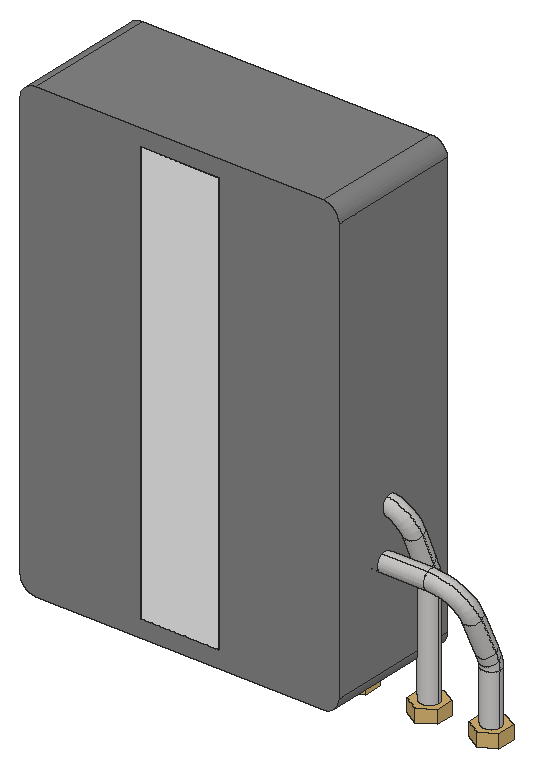
Revit family "Evoflat TDV F_Aligned_RFA_1", category Mechanical Equipment, Revit 2019
Family settings
  Round Connector Dimension = Use Diameter
  Classification = None
  Part Type = Normal
  OmniClass Number = 23.75.65.11.11
  OmniClass Title = Heating Controllers
  Work Plane-Based = No
  Always vertical = Yes
  Cut with Voids When Loaded = No
  Shared = No
  Room Calculation Point = No
Parameters (values of type "Evoflat TDV F_Aligned_Type 1_Cu_145B4181")
  Weight = 8.50 kg  # constant formula
  W1 = 40 mm  # constant formula
  W = 130 mm  # constant formula
  URL = "https://store.danfoss.com/en/search/?q=Evoflat+TDV%3Arelevance%3Adanfoss_producttypehierarchydesc%3AEvoFlat+FSS&text=Evoflat+TDV"
  Type Image = <None>
  Type Comments = ""
  Top [instance] = if(or(Clearance Zone Visibility, Clearance Zone Top Visibility), 1 = 1, 1 = 0)  # no
  Right [instance] = if(or(Clearance Zone Visibility, Clearance Zone Right Visibility), 1 = 1, 1 = 0)  # no
  Pressure Drop (HE) [instance] = 0.0 Pa
  Pressure Drop (DHW) [instance] = 0.0 Pa
  Pressure Drop (DH) [instance] = 0.0 Pa
  Pressure Drop (DCW) [instance] = 0.0 Pa
  Nut size = 30 mm  # constant formula
  Nominal Pressure = "PN 10"  # constant formula
  Model Type = "Evoflat TDV F_Aligned_Type 1_Cu"
  Model = "145B4181"
  Max Supply Temperature = "95 °C"  # constant formula
  Manufacturer = "Danfoss"  # constant formula
  Left [instance] = if(or(Clearance Zone Visibility, Clearance Zone Left Visibility), 1 = 1, 1 = 0)  # no
  LOD 350 = not(LOD 200)  # yes
  LOD 200 = no
  L2 = 310 mm  # constant formula
  L1a = 55 mm  # constant formula
  L1 = 55 mm  # constant formula
  L = 402 mm  # constant formula
  Insulation Material = Danfoss EPP insulation
  IfcExportType = "EvoFlat TDV F"  # constant formula
  IfcExportAs = "IfcFlowController"  # constant formula
  Heating Total Pressure Loss Primary = "8 kPa"  # constant formula
  Heating Flow Rate Supply = "645 l/h"  # constant formula
  Heating Circuit dT = "20 °C"  # constant formula
  Heating Capacity = 15 kW  # constant formula
  HEX material = Danfoss Copper
  H3 = 32.5 mm  # constant formula
  H2 = 31.5 mm  # constant formula
  H1 = 3 mm  # constant formula
  H = 443 mm  # constant formula
  Front [instance] = if(or(Clearance Zone Visibility, Clearance Zone Front Visibility), 1 = 1, 1 = 0)  # no
  Flow (HE) [instance] = 0.0 L/s
  Flow (DHW) [instance] = 0.0 L/s
  Flow (DH) [instance] = 0.0 L/s
  Flow (DCW) [instance] = 0.0 L/s
  Description = "Flat Station"  # constant formula
  DHW capacity = 43 kW
  DHW Temperature DHS/DHR = "65/22 °C"
  DHW Tap Load 50°C = "15.3 l/min"
  DHW Pressure Loss Primary = "40 kPa"
  DHW Flow Rate Primary = "850 l/h"
  D = 20 mm  # constant formula
  Connection = "G 3/4 Internal Thread"  # constant formula
  Clearance Zone Visibility [instance] = no
  Clearance Zone Top Visibility [instance] = no
  Clearance Zone Top [instance] = 25 mm  # constant formula
  Clearance Zone Right Visibility [instance] = no
  Clearance Zone Right [instance] = 92 mm  # constant formula
  Clearance Zone Left Visibility [instance] = no
  Clearance Zone Left [instance] = 50 mm  # constant formula
  Clearance Zone Front Visibility [instance] = no
  Clearance Zone Front [instance] = 150 mm  # constant formula
  Clearance Zone Bottom Visibility [instance] = no
  Clearance Zone Bottom [instance] = 32.5 mm  # constant formula
  Bottom [instance] = if(or(Clearance Zone Visibility, Clearance Zone Bottom Visibility), 1 = 1, 1 = 0)  # no
  Assembly Code = ""
Types (6, lengths in mm): name | Model Type | Model | HEX material | DHW capacity | DHW Temperature DHS/DHR | DHW Tap Load 50°C | DHW Pressure Loss Primary | DHW Flow Rate Primary
  Evoflat TDV F_Aligned_Type 1_Cu_145B4181 | "Evoflat TDV F_Aligned_Type 1_Cu" | "145B4181" | Danfoss Copper | 43 kW | "65/22 °C" | "15.3 l/min" | "40 kPa" | "850 l/h"
  Evoflat TDV F_Aligned_Type 3_Cu_145B4183 | "Evoflat TDV F_Aligned_Type 3_Cu" | "145B4183" | Danfoss Copper | 55 kW | "65/16 °C" | "18.3 l/min" | "27 kPa" | "950 l/h"
  Evoflat TDV F_Aligned_Type 2_Cu_145B4182 | "Evoflat TDV F_Aligned_Type 2_Cu" | "145B4182" | Danfoss Copper | 49 kW | "65/21 °C" | "17.5 l/min" | "30 kPa" | "950 l/h"
  Evoflat TDV F_Aligned_Type 1_Sts_145B4184 | "Evoflat TDV F_Aligned_Type 1_Sts" | "145B4184" | Danfoss Stainless Steel | 43 kW | "65/22 °C" | "15.3 l/min" | "40 kPa" | "850 l/h"
  Evoflat TDV F_Aligned_Type 2_Sts_145B4185 | "Evoflat TDV F_Aligned_Type 2_Sts" | "145B4185" | Danfoss Stainless Steel | 49 kW | "65/21 °C" | "17.5 l/min" | "30 kPa" | "950 l/h"
  Evoflat TDV F_Aligned_Type 3_Sts_145B4186 | "Evoflat TDV F_Aligned_Type 3_Sts" | "145B4186" | Danfoss Stainless Steel | 55 kW | "65/16 °C" | "18.3 l/min" | "27 kPa" | "950 l/h"
Reference planes
  plane 1 "Center (Front/Back)": y = 0
  plane 2: z = 0
  plane 3 "Center (Left/Right)": x = 0
  plane 4 "Front 1": y = -40
  plane 5: x = -155
  plane 6: x = 155
  plane 7: z = 443
  plane 8: y = -130
  plane 9: z = 3
  plane 10: z = -31.5
  plane 11: x = -100
  plane 12: x = 100
  plane 13: z = -32.5
  plane 14: y = -67.9
  plane 15: x = -40
  plane 16: x = 40
  plane 17: x = 247
  plane 18: z = 110
  plane 19: z = 155
  plane 20 "Right 1": x = 170
  plane 21 "Right 2": x = 230
  plane 22: y = -75.3
  plane 23 "Angle 1": through (4267.2, -67.9, 155) normal (0, 0.9205, 0.3907)
  plane 24 "Angle 2": through (4267.2, -75.3, 110) normal (0, 0.9063, 0.4226)
Forms (mm)
  Extrusion 1, solid, material "Danfoss EPP insulation", visible <- "LOD 200", detail levels fine
    sketch origin (0, 0, 0) x (1, 0, 0) y (0, 0, 1)
      loop
        line (-155, 443) -> (-155, 0) -> (155, 0) -> (155, 443) -> (-155, 443)
    from 0 to 130 <- "W"
  Extrusion 2, solid, visible <- "Front"
    sketch origin (15, -130, 238.394) x (1, 0, 0) y (0, 0, 1)
      loop
        line (-170, 204.606) -> (-170, -238.394) -> (140, -238.394) -> (140, 204.606) -> (-170, 204.606)
    from 150 <- "Clearance Zone Front" to 0
  Extrusion 3, solid, visible <- "Right"
    sketch origin (0, 0, 0) x (1, 0, 0) y (0, 0, 1)
      loop
        line (155, 443) -> (155, 0) -> (247, 0) -> (247, 443) -> (155, 443)
    from 130 <- "W" to 0
  Extrusion 4, solid, visible <- "Left"
    sketch origin (0, 0, 0) x (1, 0, 0) y (0, 0, 1)
      loop
        line (-155, 443) -> (-205, 443) -> (-205, 0) -> (-155, 0) -> (-155, 443)
    from 130 <- "W" to 0
  Extrusion 5, solid, visible <- "Top"
    sketch origin (0, 0, 0) x (1, 0, 0) y (0, 0, 1)
      loop
        line (-155, 443) -> (155, 443) -> (155, 468) -> (-155, 468) -> (-155, 443)
    from 130 <- "W" to 0
  Extrusion 6, solid, visible <- "Bottom"
    sketch origin (0, 0, 0) x (1, 0, 0) y (0, 0, 1)
      loop
        line (-155, 0) -> (-155, -32.5) -> (155, -32.5) -> (155, 0) -> (-155, 0)
    from 130 <- "W" to 0
  Extrusion 7, solid, material "Danfoss EPP insulation" <- "Insulation Material", visible <- "LOD 350", detail levels fine
    sketch origin (0, 0, 0) x (1, 0, 0) y (0, 0, 1)
      loop
        arc (-140, 443) -> (-150.607, 438.607) -> (-155, 428) r 15
        line (-155, 428) -> (-155, 15)
        arc (-155, 15) -> (-150.607, 4.393) -> (-140, 0) r 15
        line (-140, 0) -> (140, 0)
        arc (140, 0) -> (150.607, 4.393) -> (155, 15) r 15
        line (155, 15) -> (155, 428)
        arc (155, 428) -> (150.607, 438.607) -> (140, 443) r 15
        line (140, 443) -> (-140, 443)
    from 130 to 0
  Extrusion 8, void
    sketch origin (0, 0, 0) x (1, 0, 0) y (0, 0, 1)
      loop
        line (-38.25, 16) -> (38.25, 16) -> (38.25, 427) -> (-38.25, 427) -> (-38.25, 16)
    from 130 to 127.473
  Extrusion 9, solid, material "Danfoss Plastic White", visible <- "LOD 350", detail levels fine
    sketch origin (0, 0, 0) x (1, 0, 0) y (0, 0, 1)
      loop
        line (-38.25, 16) -> (38.25, 16) -> (38.25, 427) -> (-38.25, 427) -> (-38.25, 16)
    from 127.473 to 130
  Extrusion 10, solid, detail levels coarse+medium
    sketch origin (0, 0, 0) x (1, 0, 0) y (0, 0, 1)
      loop
        line (-155, 443) -> (-155, -32.5) -> (247, -32.5) -> (247, 443) -> (-155, 443)
    from 130 to 0
  Extrusion 11, solid, material "Danfoss Brass", detail levels fine
    sketch origin (0, 0, 0) x (1, 0, 0) y (0, 1, 0)
      loop
        circle (-100, -40) r 12.783
    from 3 to -31.5
  Extrusion 12, solid, material "Danfoss Brass", visible <- "LOD 350", detail levels fine
    sketch origin (0, 0, 0) x (1, 0, 0) y (0, 1, 0)
      loop
        line (-115, -31.34) -> (-115, -48.66) -> (-100, -57.321) -> (-85, -48.66) -> (-85, -31.34) -> (-100, -22.679) -> (-115, -31.34)
    from -16.5 to -32.5
  Extrusion 13, solid, material "Danfoss Brass", not visible, detail levels fine
    sketch origin (0, 0, 0) x (1, 0, 0) y (0, 1, 0)
      loop
        circle (-100, -40) r 12.783
    from 3 to -31.5
  Extrusion 14, solid, material "Danfoss Brass", visible <- "LOD 350", not visible, detail levels fine
    sketch origin (0, 0, 0) x (1, 0, 0) y (0, 1, 0)
      loop
        line (-115, -31.34) -> (-115, -48.66) -> (-100, -57.321) -> (-85, -48.66) -> (-85, -31.34) -> (-100, -22.679) -> (-115, -31.34)
    from -16.5 to -32.5
  Extrusion 15, solid, material "Danfoss Brass", detail levels fine
    sketch origin (60, 0, 0) x (1, 0, 0) y (0, 1, 0)
      loop
        circle (-100, -40) r 12.783
    from 3 to -31.5
  Extrusion 16, solid, material "Danfoss Brass", visible <- "LOD 350", detail levels fine
    sketch origin (60, 0, 0) x (1, 0, 0) y (0, 1, 0)
      loop
        line (-115, -31.34) -> (-115, -48.66) -> (-100, -57.321) -> (-85, -48.66) -> (-85, -31.34) -> (-100, -22.679) -> (-115, -31.34)
    from -15.5 to -31.5
  Extrusion 17, solid, material "Danfoss Brass", not visible, detail levels fine
    sketch origin (60, 0, 0) x (1, 0, 0) y (0, 1, 0)
      loop
        circle (-100, -40) r 12.783
    from 3 to -31.5
  Extrusion 18, solid, material "Danfoss Brass", visible <- "LOD 350", not visible, detail levels fine
    sketch origin (60, 0, 0) x (1, 0, 0) y (0, 1, 0)
      loop
        line (-115, -31.34) -> (-115, -48.66) -> (-100, -57.321) -> (-85, -48.66) -> (-85, -31.34) -> (-100, -22.679) -> (-115, -31.34)
    from -15.5 to -31.5
  Extrusion 19, solid, material "Danfoss Brass", detail levels fine
    sketch origin (140, 0, 0) x (1, 0, 0) y (0, 1, 0)
      loop
        circle (-100, -40) r 12.783
    from 3 to -31.5
  Extrusion 20, solid, material "Danfoss Brass", visible <- "LOD 350", detail levels fine
    sketch origin (140, 0, 0) x (1, 0, 0) y (0, 1, 0)
      loop
        line (-115, -31.34) -> (-115, -48.66) -> (-100, -57.321) -> (-85, -48.66) -> (-85, -31.34) -> (-100, -22.679) -> (-115, -31.34)
    from -15.5 to -31.5
  Extrusion 21, solid, material "Danfoss Brass", detail levels fine
    sketch origin (200, 0, 0) x (1, 0, 0) y (0, 1, 0)
      loop
        circle (-100, -40) r 12.783
    from 3 to -31.5
  Extrusion 22, solid, material "Danfoss Brass", visible <- "LOD 350", detail levels fine
    sketch origin (200, 0, 0) x (1, 0, 0) y (0, 1, 0)
      loop
        line (-115, -31.34) -> (-115, -48.66) -> (-100, -57.321) -> (-85, -48.66) -> (-85, -31.34) -> (-100, -22.679) -> (-115, -31.34)
    from -15.5 to -31.5
  Sweep 23, solid, material "Danfoss Stainless Steel", detail levels fine
    path in 3D
      loop
        line (100, -69.953, 159.837) -> (142, -69.953, 159.837)
        arc (142, -69.953, 159.837) -> (161.799, -66.749, 152.288) -> (170, -59.013, 134.063) r 28
        line (170, -59.013, 134.063) -> (170, -46.021, 103.456) -> (170, -41.59, 93.017)
        arc (170, -41.59, 93.017) -> (170, -40.402, 89.19) -> (170, -40, 85.203) r 20
        line (170, -40, 85.203) -> (170, -40, -32.937)
    profile origin (121, -69.953, 159.837) x (0, 0.390731, -0.920505) y (0, 0.920505, 0.390731)
      loop
        circle (0, 0) r 9
  Sweep 24, solid, material "Danfoss Stainless Steel", detail levels fine
    path in 3D
      loop
        line (100, -75.45, 110.322) -> (200, -75.45, 110.322)
        arc (200, -75.45, 110.322) -> (221.213, -71.737, 102.358) -> (230, -62.772, 83.133) r 30
        line (230, -62.772, 83.133) -> (230, -45.867, 46.88) -> (230, -41.874, 38.317)
        arc (230, -41.874, 38.317) -> (230, -40.474, 34.194) -> (230, -40, 29.865) r 20
        line (230, -40, 29.865) -> (230, -40, -32.5)
    profile origin (150, -75.45, 110.322) x (0, 0.422618, -0.906308) y (0, 0.906308, 0.422618)
      loop
        circle (0, 0) r 9
  Extrusion 25, solid, material "Danfoss Brass", detail levels fine
    sketch origin (0, 0, 0) x (1, 0, 0) y (0, 1, 0)
      loop
        line (155, -48.66) -> (170, -57.321) -> (185, -48.66) -> (185, -31.34) -> (170, -22.679) -> (155, -31.34) -> (155, -48.66)
      loop
        line (215, -48.66) -> (230, -57.321) -> (245, -48.66) -> (245, -31.34) -> (230, -22.679) -> (215, -31.34) -> (215, -48.66)
    from -20 to -32.5
Cuts and joins
  Extrusion 8 cuts Extrusion 2
  Extrusion 8 cuts Extrusion 7
Lines and regions (mm)
  model lines, detail levels fine
    curve 1: line (230, -40, 34.299) -> (230, -40, -32.5)
    curve 2: line (100, -69.953, 159.837) -> (142, -69.953, 159.837)
    curve 3: line (170, -59.013, 134.063) -> (170, -46.021, 103.456)
    curve 4: arc (142, -69.953, 159.837) -> (161.799, -66.749, 152.288) -> (170, -59.013, 134.063) r 28
    curve 5: line (100, -75.45, 110.322) -> (200, -75.45, 110.322)
    curve 6: line (230, -62.772, 83.133) -> (230, -45.867, 46.88)
    curve 7: arc (200, -75.45, 110.322) -> (221.213, -71.737, 102.358) -> (230, -62.772, 83.133) r 30
    curve 8: line (230, -45.867, 46.88) -> (230, -41.874, 38.317)
    curve 9: line (230, -40, 29.865) -> (230, -40, -32.5)
    curve 10: arc (230, -41.874, 38.317) -> (230, -40.474, 34.194) -> (230, -40, 29.865) r 20
    curve 11: line (170, -46.021, 103.456) -> (170, -41.59, 93.017)
    curve 12: line (170, -40, 85.203) -> (170, -40, -32.937)
    curve 13: arc (170, -41.59, 93.017) -> (170, -40.402, 89.19) -> (170, -40, 85.203) r 20
  sketch lines
    curve 14: line (100, -69.953, 159.837) -> (142, -69.953, 159.837)
    curve 15: arc (142, -69.953, 159.837) -> (161.799, -66.749, 152.288) -> (170, -59.013, 134.063) r 28
    curve 16: line (170, -59.013, 134.063) -> (170, -46.021, 103.456)
    curve 17: line (170, -46.021, 103.456) -> (170, -41.59, 93.017)
    curve 18: arc (170, -41.59, 93.017) -> (170, -40.402, 89.19) -> (170, -40, 85.203) r 20
    curve 19: line (170, -40, 85.203) -> (170, -40, -32.937)
    curve 20: line (100, -75.45, 110.322) -> (200, -75.45, 110.322)
    curve 21: arc (200, -75.45, 110.322) -> (221.213, -71.737, 102.358) -> (230, -62.772, 83.133) r 30
    curve 22: line (230, -62.772, 83.133) -> (230, -45.867, 46.88)
    curve 23: line (230, -45.867, 46.88) -> (230, -41.874, 38.317)
    curve 24: arc (230, -41.874, 38.317) -> (230, -40.474, 34.194) -> (230, -40, 29.865) r 20
    curve 25: line (230, -40, 29.865) -> (230, -40, -32.5)
Dimensions and locks
  "Clearance Zone Right": Extrusion 3 sketch curve to Extrusion 2
  "Clearance Zone Left": Extrusion 4 sketch curve to Extrusion 2
  "H": plane 7 to plane 2
  equal spacing: plane 6, plane 3 "Center (Left/Right)", plane 5
  "L2": plane 6 to plane 5
  "W": plane 8 to plane 1 "Center (Front/Back)"
  "H1": plane 9 to level
  "H2": plane 2 to plane 10
  "W1": plane 4 "Front 1" to plane 1 "Center (Front/Back)"
  "L1": plane 5 to plane 11
  "L1a": plane 12 to plane 6
  level to Extrusion 7 = 443 mm
  equal spacing: Extrusion 8 sketch curve, plane 3 "Center (Left/Right)", Extrusion 8 sketch curve
  Extrusion 8 sketch curve to Extrusion 8 sketch curve = 76.5 mm
  "Clearance Zone Bottom": plane 2 to Extrusion 6 sketch curve
  "Clearance Zone Top": Extrusion 5 sketch curve to plane 7
  "H3": plane 2 to plane 13
  plane 14 to plane 4 "Front 1" = 27.9 mm
  Extrusion 9 sketch curve to Extrusion 9 sketch curve = 76.5 mm
  equal spacing: Extrusion 9 sketch curve, plane 3 "Center (Left/Right)", Extrusion 9 sketch curve
  locked: Extrusion 9 sketch curve to level at 16
  locked: plane 7 to Extrusion 9 sketch curve at 16
  locked: plane 7 to Extrusion 8 sketch curve at 16
  plane 11 to plane 5 = 55 mm
  locked: plane 15 to plane 11 at 60
  locked: plane 16 to plane 15 at 80
  plane 12 to plane 16 = 60 mm
  plane 6 to plane 12 = 55 mm
  "L": plane 17 to plane 5
  plane 18 to plane 2 = 110 mm
  plane 19 to plane 18 = 45 mm
  locked: plane 20 "Right 1" to plane 6 at 15
  locked: plane 21 "Right 2" to plane 20 "Right 1" at 60
  plane 22 to plane 14 = 7.4 mm
  Extrusion 25 to curve 6 = 45 mm
  radius of Extrusion 7 sketch curve = 15 mm  (x4)
  radius of Extrusion 11 sketch curve = 12.783 mm
  radius of Extrusion 13 sketch curve = 12.783 mm
  radius of Extrusion 15 sketch curve = 12.783 mm
  radius of Extrusion 17 sketch curve = 12.783 mm
  radius of Extrusion 19 sketch curve = 12.783 mm
  radius of Extrusion 21 sketch curve = 12.783 mm
  radius of Sweep 23 sketch curve = 9 mm
  radius of Sweep 24 sketch curve = 9 mm
  aligned and locked: level to plane 2
  aligned and locked: Extrusion 2 sketch curve to Extrusion 1  (x2)
  aligned and locked: plane 2 to Extrusion 1 sketch curve
  aligned and locked: plane 5 to Extrusion 1 sketch curve
  aligned and locked: Extrusion 1 sketch curve to plane 6
  aligned and locked: Extrusion 7 sketch curve to plane 6
  aligned and locked: plane 8 to Extrusion 7
  aligned and locked: Extrusion 7 to plane 1 "Center (Front/Back)"
  aligned and locked: Extrusion 3 to Extrusion 8
  aligned and locked: Extrusion 2 sketch curve to plane 7
  aligned and locked: plane 2 to Extrusion 2 sketch curve
  aligned and locked: plane 2 to Extrusion 3 sketch curve
  aligned and locked: Extrusion 3 sketch curve to plane 7
  aligned and locked: plane 6 to Extrusion 3 sketch curve
  aligned and locked: Extrusion 4 sketch curve to plane 2
  aligned and locked: plane 7 to Extrusion 4 sketch curve
  aligned and locked: plane 5 to Extrusion 4 sketch curve
  aligned and locked: Extrusion 6 sketch curve to plane 2
  aligned and locked: plane 5 to Extrusion 6 sketch curve
  aligned and locked: Extrusion 6 sketch curve to plane 6
  aligned and locked: Extrusion 5 sketch curve to plane 7
  aligned and locked: Extrusion 5 sketch curve to plane 5
  aligned and locked: plane 6 to Extrusion 5 sketch curve
  aligned and locked: Extrusion 1 to Extrusion 9
  aligned and locked: Extrusion 8 sketch curve to Extrusion 9
  aligned and locked: Extrusion 8 to Extrusion 9
  aligned and locked: Extrusion 11 to plane 10
  aligned and locked: plane 9 to Extrusion 11
  aligned and locked: Extrusion 12 to plane 13
  aligned and locked: Extrusion 16 to plane 10
  aligned and locked: plane 7 to Extrusion 1
  aligned and locked: Extrusion 10 to plane 13
  aligned and locked: Extrusion 6 to Extrusion 10
  aligned and locked: Extrusion 10 sketch curve to plane 17
  aligned and locked: curve 1 to plane 4 "Front 1"
  aligned and locked: Extrusion 25 to plane 13
Automatic sketch dimensions
  Extrusion 9 sketch curve to plane 3 "Center (Left/Right)" = 38.25 mm
  Extrusion 12 sketch curve to Extrusion 12 sketch curve = 15 mm  (x3)
  Extrusion 12 sketch curve to Extrusion 12 sketch curve = 8.66 mm  (x3)
  Extrusion 12 sketch curve to Extrusion 12 sketch curve = 17.321 mm  (x2)
  Extrusion 14 sketch curve to Extrusion 14 sketch curve = 15 mm  (x3)
  Extrusion 14 sketch curve to Extrusion 14 sketch curve = 8.66 mm  (x3)
  Extrusion 14 sketch curve to Extrusion 14 sketch curve = 17.321 mm  (x2)
  Extrusion 16 sketch curve to Extrusion 16 sketch curve = 15 mm  (x3)
  Extrusion 16 sketch curve to Extrusion 16 sketch curve = 8.66 mm  (x3)
  Extrusion 16 sketch curve to Extrusion 16 sketch curve = 17.321 mm  (x2)
  Extrusion 18 sketch curve to Extrusion 18 sketch curve = 15 mm  (x3)
  Extrusion 18 sketch curve to Extrusion 18 sketch curve = 8.66 mm  (x3)
  Extrusion 18 sketch curve to Extrusion 18 sketch curve = 17.321 mm  (x2)
  Extrusion 20 sketch curve to Extrusion 20 sketch curve = 15 mm  (x3)
  Extrusion 20 sketch curve to Extrusion 20 sketch curve = 8.66 mm  (x3)
  Extrusion 20 sketch curve to Extrusion 20 sketch curve = 17.321 mm  (x2)
  Extrusion 22 sketch curve to Extrusion 22 sketch curve = 15 mm  (x3)
  Extrusion 22 sketch curve to Extrusion 22 sketch curve = 8.66 mm  (x3)
  Extrusion 22 sketch curve to Extrusion 22 sketch curve = 17.321 mm  (x2)
  Extrusion 1 sketch curve to plane 7 = 0 mm
  Extrusion 7 sketch curve to plane 5 = 0 mm
  Extrusion 7 sketch curve to level = 0 mm
  Extrusion 7 sketch curve to plane 7 = 0 mm
  Extrusion 10 sketch curve to plane 5 = 0 mm
  Extrusion 10 sketch curve to plane 13 = 0 mm
  Extrusion 10 sketch curve to plane 7 = 0 mm
  curve 1 to plane 13 = 0 mm
  curve 1 to plane 24 "Angle 2" = 0 mm
  curve 7 to plane 21 "Right 2" = 0 mm
  curve 5 to plane 12 = 0 mm
  curve 7 to curve 7 = 30 mm
  curve 6 to curve 6 = 40 mm
  curve 3 to plane 20 "Right 1" = 0 mm
  curve 2 to plane 12 = 0 mm
  curve 3 to curve 3 = 33.25 mm
  curve 9 to plane 4 "Front 1" = 0 mm
  curve 9 to plane 13 = 0 mm
  curve 9 to curve 1 = 4.434 mm
  curve 12 to plane 4 "Front 1" = 0 mm
  curve 13 to plane 23 "Angle 1" = 0 mm
  curve 11 to plane 23 "Angle 1" = 0 mm
  level to curve 12 = 85.203 mm
  curve 11 to plane 4 "Front 1" = 1.59 mm
  curve 12 to plane 13 = 0.437 mm
  curve 11 to plane 4 "Front 1" = 6.021 mm
  curve 8 to plane 24 "Angle 2" = 0 mm  (x2)
  curve 8 to plane 4 "Front 1" = 1.874 mm
  curve 8 to plane 4 "Front 1" = 5.867 mm
  Sweep 23 sketch curve to profile plane = 0 mm  (x2)
  Sweep 24 sketch curve to profile plane = 0 mm  (x2)
  curve 2 to plane 6 = 13 mm
  Extrusion 25 sketch curve to plane 6 = 0 mm
  Extrusion 25 sketch curve to plane 20 "Right 1" = 0 mm  (x2)
  Extrusion 25 sketch curve to plane 21 "Right 2" = 0 mm  (x2)
  plane 20 "Right 1" to Extrusion 25 sketch curve = 15 mm
  Extrusion 25 sketch curve to plane 21 "Right 2" = 15 mm
  Extrusion 25 sketch curve to plane 17 = 2 mm
  plane 14 to Extrusion 25 sketch curve = 10.579 mm  (x2)
  Extrusion 25 sketch curve to plane 4 "Front 1" = 8.66 mm  (x4)
  plane 4 "Front 1" to Extrusion 25 sketch curve = 8.66 mm  (x4)
  plane 4 "Front 1" to Extrusion 25 sketch curve = 17.321 mm  (x2)
Connectors
  piping at (-100, -40, -31.5), diameter 20, driven by "D", driven by "Flow (DCW)"
    settings: on Extrusion 11, index 1, connector inside diameter 609.6 mm, connector length 0 mm, flow factor 0, pipe flow 0.0 L/s, pressure drop 0.0 Pa, fitting loss kfactor 0, connector angle 0.00°, fixture units 0, engagement length 0 mm, angle of deflection 0.00°, flow configuration 0, flow direction 1, fitting loss method 0, system type 20, joint type 0, gender type 0, connector reference index 2, connector utility 0, adjustable connector no, is connector primary yes, connector description ""
  piping at (-40, -40, -31.5), diameter 20, driven by "D", driven by "Flow (DHW)"
    settings: on Extrusion 15, index 2, connector inside diameter 609.6 mm, connector length 0 mm, flow factor 0, pipe flow 0.0 L/s, pressure drop 0.0 Pa, fitting loss kfactor 0, connector angle 0.00°, fixture units 0, engagement length 0 mm, angle of deflection 0.00°, flow configuration 0, flow direction 2, fitting loss method 0, system type 19, joint type 0, gender type 0, connector reference index 1, connector utility 0, adjustable connector no, is connector primary no, connector description ""
  piping at (40, -40, -31.5), diameter 20, driven by "D", driven by "Flow (DH)"
    settings: on Extrusion 19, index 4, connector inside diameter 609.6 mm, connector length 0 mm, flow factor 0, pipe flow 0.0 L/s, pressure drop 0.0 Pa, fitting loss kfactor 0, connector angle 0.00°, fixture units 0, engagement length 0 mm, angle of deflection 0.00°, flow configuration 0, flow direction 1, fitting loss method 0, system type 7, joint type 0, gender type 0, connector reference index 6, connector utility 0, adjustable connector no, is connector primary no, connector description ""
  piping at (100, -40, -31.5), diameter 20, driven by "D", driven by "Flow (DH)"
    settings: on Extrusion 21, index 6, connector inside diameter 609.6 mm, connector length 0 mm, flow factor 0, pipe flow 0.0 L/s, pressure drop 0.0 Pa, fitting loss kfactor 0, connector angle 0.00°, fixture units 0, engagement length 0 mm, angle of deflection 0.00°, flow configuration 0, flow direction 2, fitting loss method 0, system type 8, joint type 0, gender type 0, connector reference index 4, connector utility 0, adjustable connector no, is connector primary no, connector description ""
  piping at (170, -40, -32.937), diameter 20, driven by "D"
    settings: on Sweep 23, index 7, connector inside diameter 609.6 mm, connector length 0 mm, flow factor 0, pipe flow 0.0 L/s, pressure drop 0.0 Pa, fitting loss kfactor 0, connector angle 0.00°, fixture units 0, engagement length 0 mm, angle of deflection 0.00°, flow configuration 0, flow direction 2, fitting loss method 0, system type 7, joint type 0, gender type 0, connector reference index 8, connector utility 0, adjustable connector no, is connector primary no, connector description ""
  piping at (230, -40, -32.5), diameter 20, driven by "D"
    settings: on Sweep 24, index 8, connector inside diameter 609.6 mm, connector length 0 mm, flow factor 0, pipe flow 0.0 L/s, pressure drop 0.0 Pa, fitting loss kfactor 0, connector angle 0.00°, fixture units 0, engagement length 0 mm, angle of deflection 0.00°, flow configuration 0, flow direction 1, fitting loss method 0, system type 8, joint type 0, gender type 0, connector reference index 7, connector utility 0, adjustable connector no, is connector primary no, connector description ""
